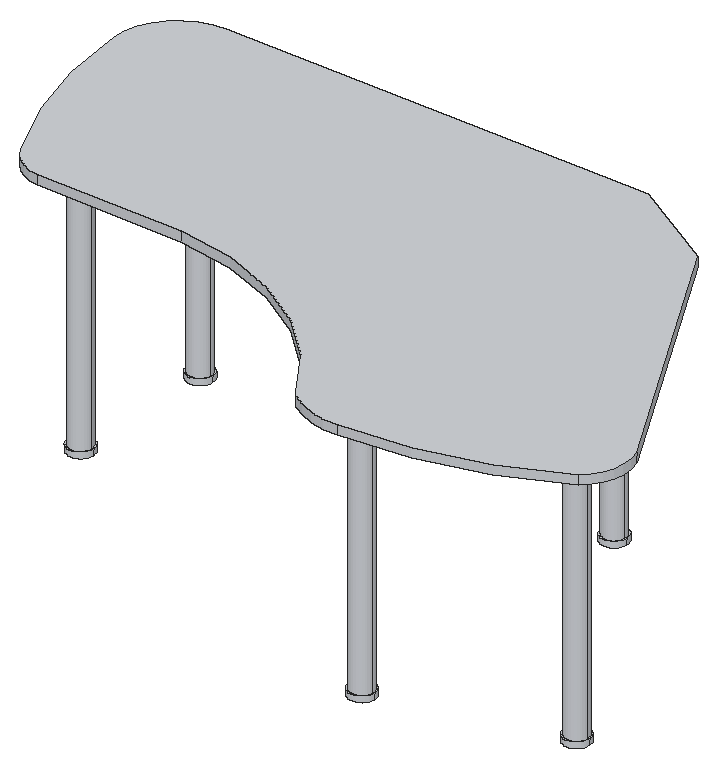
Revit family
Parameters (values of type "2000 x 1200")
  Table Material = none
  Model = "Corner table"
  Manufacturer = "Revit"
  Leg Material = none
  Description = "Desk"
  Assembly Code = ""
Reference planes
  plane 1 "Center (Front/Back)": y = 0
  plane 2: z = 0
  plane 3 "Center (Left/Right)": x = 0
  plane 4: y = -188.822
  plane 5: y = 218.482
  plane 6: y = -643.464
  plane 7: x = 844.996
  plane 8: x = -769.669
  plane 9: x = 362.091
  plane 10: y = -513.291
Forms (mm)
  Extrusion 1, solid, material <- "Table Material"
    sketch origin (0, 0, 0) x (1, 0, 0) y (0, 1, 0)
      loop
        arc (-869.276, 431.646) -> (-989.112, 379.662) -> (-1033.032, 256.641) r 164.118
        arc (-1033.032, 256.641) -> (-986.395, -5.272) -> (-883.808, -250.729) r 1213.547
        arc (-883.808, -250.729) -> (-842.423, -296.371) -> (-784.659, -317.8) r 129.846
        line (-784.659, -317.8) -> (-393.898, -317.8)
        arc (-393.898, -317.8) -> (-29.372, -432.137) -> (234.181, -708.709) r 763.785
        arc (234.181, -708.709) -> (240.263, -717.4) -> (247.98, -724.677) r 52.05
        arc (247.98, -724.677) -> (317.541, -759.796) -> (395.115, -767.16) r 210.182
        arc (395.115, -767.16) -> (672.658, -724.1) -> (931.684, -615.521) r 1158.579
        arc (931.684, -615.521) -> (975.03, -545.799) -> (969.593, -463.882) r 134.036
        line (969.593, -463.882) -> (537.517, 284.496) -> (282.645, 431.646) -> (-869.276, 431.646)
    from 700 to 725
Lines and regions (mm)
  symbolic lines
    curve 1: line (-869.276, 431.646, 0) -> (282.645, 431.646, 0)
    curve 2: line (282.645, 431.646, 0) -> (537.517, 284.496, 0)
    curve 3: line (537.517, 284.496, 0) -> (969.593, -463.882, 0)
    curve 4: arc (969.593, -463.882, 0) -> (975.03, -545.799, 0) -> (931.684, -615.521, 0) r 134.036
    curve 5: arc (931.684, -615.521, 0) -> (672.658, -724.1, 0) -> (395.115, -767.16, 0) r 1158.579
    curve 6: arc (395.115, -767.16, 0) -> (317.541, -759.796, 0) -> (247.98, -724.677, 0) r 210.182
    curve 7: arc (247.98, -724.677, 0) -> (240.263, -717.4, 0) -> (234.181, -708.709, 0) r 52.05
    curve 8: arc (234.181, -708.709, 0) -> (-29.372, -432.137, 0) -> (-393.898, -317.8, 0) r 763.785
    curve 9: line (-393.898, -317.8, 0) -> (-784.659, -317.8, 0)
    curve 10: arc (-784.659, -317.8, 0) -> (-842.423, -296.371, 0) -> (-883.808, -250.729, 0) r 129.846
    curve 11: arc (-883.808, -250.729, 0) -> (-986.395, -5.272, 0) -> (-1033.032, 256.641, 0) r 1213.547
    curve 12: arc (-1033.032, 256.641, 0) -> (-989.112, 379.662, 0) -> (-869.276, 431.646, 0) r 164.118
Dimensions and locks
  aligned and locked: Extrusion 1 to nested 1
Nested families
  nested 1: "Leg" at (-769.669, -188.822, 0), type "Height 700mm"
  nested 2: "Leg" at (844.996, -513.291, 0) x (-1, 0, 0) z (0, 0, 1), type "Height 700mm"
  nested 3: "Leg" at (-769.669, 218.482, 0) x (-1, 0, 0) z (0, 0, 1), type "Height 700mm"
  nested 4: "Leg" at (362.091, 218.482, 0) x (-1, 0, 0) z (0, 0, 1), type "Height 700mm"
  nested 5: "Leg" at (362.091, -643.464, 0) x (-1, 0, 0) z (0, 0, 1), type "Height 700mm"
Definition of nested family "Leg"
  Parameters (values of type "Height 700mm")
    Model = "Abacus"
    Manufacturer = "LM"
    Leg Material = none
    Description = "Table Leg"
    Assembly Code = "E2020200"
  Reference planes
    plane 1 "Center (Front/Back)": y = 0
    plane 2: z = 0
    plane 3 "Center (Left/Right)": x = 0
  Forms (mm)
    Revolve 1, solid, material <- "Leg Material"
      sketch origin (0, 0, 0) x (1, 0, 0) y (0, 0, 1)
        loop
          line (0, 15) -> (0, 700) -> (-43, 700) -> (-33, 650) -> (-30, 650) -> (-30, 15) -> (0, 15)
        axis (0, 15) -> (0, 700)
      angle from 0 to 360
    Extrusion 2, solid, material <- "Leg Material"
      sketch origin (0, 0, 0) x (1, 0, 0) y (0, 1, 0)
        loop
          circle (0, 0) r 35
      from 0 to 15
  Dimensions and locks
    aligned and locked: plane 3 "Center (Left/Right)" to Revolve 1 sketch curve
    aligned and locked: Revolve 1 to Extrusion 2
